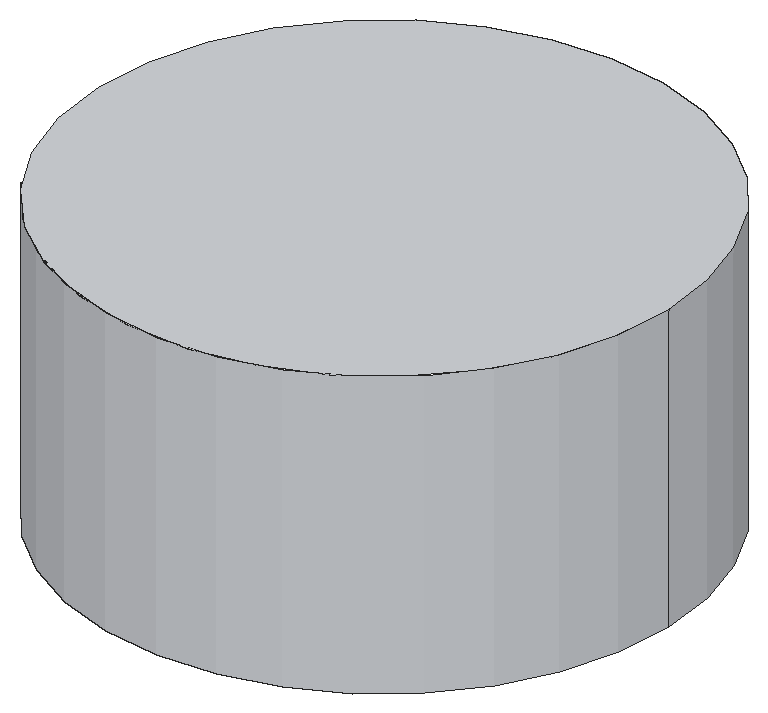
Revit family "ASF-6-C6", category Mechanical Equipment, Revit 2023
Family settings
  Round Connector Dimension = Use Diameter
  Classification = None
  Part Type = Normal
  OmniClass Number = 23.75.00.00
  OmniClass Title = Climate Control (HVAC)
  Work Plane-Based = No
  Always vertical = Yes
  Cut with Voids When Loaded = No
  Maintain Annotation Orientation = No
  Shared = No
  Room Calculation Point = No
Parameters (values of type "Standard")
  Volume = 0.0295054 CF
  Title = "Aura Solar Attic Fan - 6\" Diameter, 6\" Tall Collar"
  Subject = "ASF-6-C6"
  Requested Accuracy = "Low"
  Part Number = "ASF-6-C6"
  Mass = 3.47539 lbm
  Designer = "CAD Machine"
  Design State = 1
  Density = 117.788 lb/ft³
  Default Elevation = 0' - 0"
  Creation Date = "11/11/2022"
  Connector_1_Diameter = 0' - 5 3/4"
  Center of Gravity = "X: 0.033 in Y: -4.815 in Z: 0.000 in"
  Author = "CAD Machine"
  Area = 13.7332 SF
Reference planes (in)
  plane 1 "Center (Front/Back)": y = 0
  plane 2: z = 0
  plane 3 "Center (Left/Right)": x = 0
Forms (in)
  Extrusion 1, solid
    sketch origin (0, 0, -13.61262) x (1, 0, 0) y (0, 1, 0)
      loop
        circle (0, 0) r 0.12
    from 0 to -0.12
Dimensions and locks (in)
  aligned and locked: plane 2 to level
Connectors (in)
  hvac at (0, 0, -13.61262), driven by "Connector_1_Diameter"
    settings: on Extrusion 1, index 1, duct flow 0 CFM, flow factor 0, pres drop 0.00 in-wg, loss coef 0, conn angle 0.00°, conn width 12", conn height 12", conn diameter 5 3/4", duct sys type 3, conn prof type 0, flow config 1, flow direction 1, loss method 0, conn ref index -1, conn util no, is conn primary yes, conn desc ""
